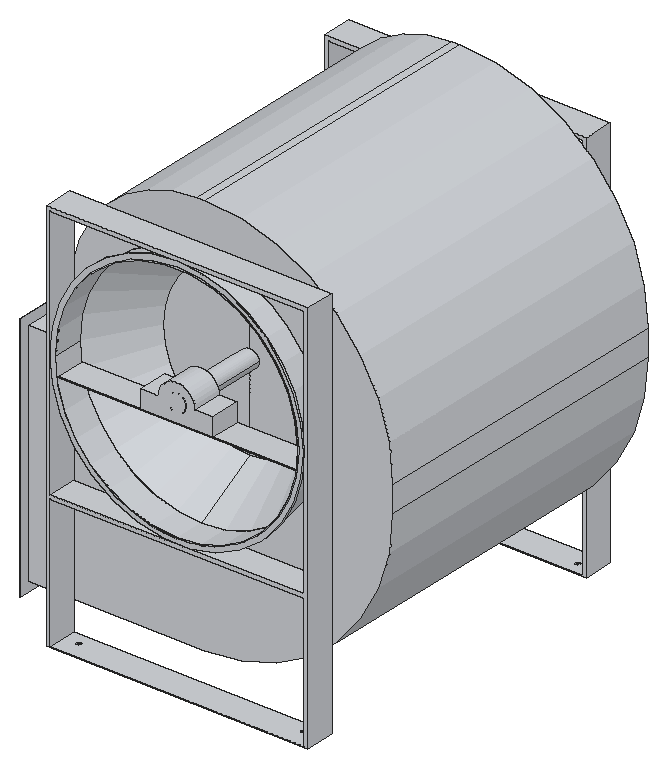
Revit family "CAF_DWDI_CCW_BHD", category Mechanical Equipment, Revit 2019 (continued)
Types (59): name | V+(D-(A+.25"))/2 | V | U-N | U | T/2 | T | S/2 | S | R/2 | R | P | N | M | L | K/2 | K | J | INLET/4 | INLET/2 | INLET | H-J | H | G-(R/2) | G-(INLET/2)-1.625" | G+(INLET/2)+1.625" | G | F | E/2 | E | D/2 | D | C/2 | C+C | C | BOTTOM | B/2 | B+.25" | B | A/2 | A+.25" | A | D/7 | Type Comments | -P | -(B+.25")/2 | (M-(B+.25")/2 | (INLET/2)-.125" | (INLET/2)+1.625" | (INLET/2)+1.5" | (D-(A+.25"))/2 | (B+.25")/2 | (A+.25")/2 | ((M+U+U+N+N)-((B+.25")/2))/2
  180_CAF-DWDI_CCW_BHD_CLASS_3 | 2 15/16" | 1 15/16" | 1 9/16" | 8 1/16" | 14 7/32" | 28 7/16" | 10 1/2" | 21" | 12 7/8" | 25 3/4" | 40 3/8" | 6 1/2" | 32 3/16" | 16 1/8" | 15/32" | 15/16" | 15 11/16" | 5 43/64" | 11 11/32" | 22 11/16" | 14 5/16" | 30" | 9 1/4" | 9 9/32" | 34 31/32" | 22 1/8" | 35 15/16" | 14 3/32" | 28 3/16" | 10 3/8" | 20 3/4" | 1 3/32" | 4 3/8" | 2 3/16" | 7 27/32" | 13 1/32" | 26 5/16" | 26 1/16" | 9 1/4" | 18 3/4" | 18 1/2" | 2.18421" | "Centrifugal Airfoil Blower Counter-Clockwise Bottom Horizontal Arrangement 3 Low Profile Class 3" | -40 3/8" | -13 5/32" | 2 15/16" | 11 7/32" | 12 27/32" | 12 25/32" | 1" | 13 5/32" | 9 3/8" | 4 1/2"
  195_CAF-DWDI_CCW_BHD_CLASS_3 | 2 15/16" | 1" | 1 9/16" | 8 1/16" | 15 21/32" | 31 5/16" | 11 1/8" | 22 1/4" | 13 5/8" | 27 1/4" | 42 3/4" | 6 1/2" | 34 9/16" | 17 5/16" | 15/32" | 15/16" | 17" | 6 3/64" | 12 3/32" | 24 3/16" | 15 7/16" | 32 7/16" | 10 1/16" | 10 3/32" | 37 9/32" | 23 11/16" | 38 5/8" | 16 9/32" | 32 9/16" | 11 13/16" | 23 5/8" | 1 3/32" | 4 3/8" | 2 3/16" | 8 1/2" | 14 7/32" | 28 11/16" | 28 7/16" | 9 3/4" | 19 3/4" | 19 1/2" | 2.48684" | "Centrifugal Airfoil Blower Counter-Clockwise Bottom Horizontal Arrangement 3 Low Profile Class 3" | -42 3/4" | -14 11/32" | 2 15/16" | 11 31/32" | 13 19/32" | 13 17/32" | 1 15/16" | 14 11/32" | 9 7/8" | 4 1/2"
  210_CAF-DWDI_CCW_BHD_CLASS_3 | 2 15/16" | 1" | 1 9/16" | 8 9/16" | 16 5/8" | 33 1/4" | 11 7/8" | 23 3/4" | 14 1/2" | 29" | 45 3/16" | 7" | 36 1/2" | 18 1/4" | 15/32" | 15/16" | 18 5/16" | 6 31/64" | 12 31/32" | 25 15/16" | 16 5/8" | 34 15/16" | 10 13/16" | 10 27/32" | 39 25/32" | 25 5/16" | 41 7/16" | 17 1/4" | 34 1/2" | 12 7/8" | 25 3/4" | 1 3/32" | 4 3/8" | 2 3/16" | 9 5/32" | 15 3/16" | 30 5/8" | 30 3/8" | 10 13/16" | 21 7/8" | 21 5/8" | 2.71053" | "Centrifugal Airfoil Blower Counter-Clockwise Bottom Horizontal Arrangement 3 Low Profile Class 3" | -45 3/16" | -15 5/16" | 2 15/16" | 12 27/32" | 14 15/32" | 14 13/32" | 1 15/16" | 15 5/16" | 10 15/16" | 4 1/2"
  225_CAF-DWDI_CCW_BHD_CLASS_3 | 3" | 1" | 1 9/16" | 8 9/16" | 17 11/16" | 35 3/8" | 12 3/4" | 25 1/2" | 15 3/8" | 30 3/4" | 47 5/16" | 7" | 38 5/8" | 19 5/16" | 15/32" | 15/16" | 19 9/16" | 6 55/64" | 13 23/32" | 27 7/16" | 17 7/8" | 37 7/16" | 11 1/2" | 11 21/32" | 42 3/32" | 26 7/8" | 44 1/8" | 18 11/32" | 36 11/16" | 13 23/32" | 27 7/16" | 1 3/32" | 4 3/8" | 2 3/16" | 9 25/32" | 16 1/4" | 32 3/4" | 32 1/2" | 11 19/32" | 23 7/16" | 23 3/16" | 2.88816" | "Centrifugal Airfoil Blower Counter-Clockwise Bottom Horizontal Arrangement 3 Low Profile Class 3" | -47 5/16" | -16 3/8" | 2 15/16" | 13 19/32" | 15 7/32" | 15 5/32" | 2" | 16 3/8" | 11 23/32" | 4 1/2"
  245_CAF-DWDI_CCW_BHD_CLASS_3 | 3 15/16" | 1 15/16" | 9/16" | 7 9/16" | 19 9/32" | 38 9/16" | 13 9/16" | 27 1/8" | 16 15/32" | 32 15/16" | 50 13/16" | 7" | 43 3/16" | 21 5/8" | 17/32" | 1 1/16" | 21 5/16" | 7 23/64" | 14 23/32" | 29 7/16" | 19 3/8" | 40 11/16" | 13 17/32" | 13 25/32" | 46 7/32" | 30" | 48 3/4" | 19 5/8" | 39 1/4" | 14 7/8" | 29 3/4" | 1 7/32" | 4 7/8" | 2 7/16" | 10 21/32" | 17 17/32" | 35 5/16" | 35 1/16" | 12 3/4" | 25 3/4" | 25 1/2" | 3.13158" | "Centrifugal Airfoil Blower Counter-Clockwise Bottom Horizontal Arrangement 3 Low Profile Class 3" | -50 13/16" | -17 21/32" | 3 15/16" | 14 19/32" | 16 7/32" | 16 5/32" | 2" | 17 21/32" | 12 7/8" | 4 1/2"
  270_CAF-DWDI_CCW_BHD_CLASS_3 | 3 15/16" | 1 15/16" | 9/16" | 7 11/16" | 21 5/32" | 42 5/16" | 14 15/16" | 29 7/8" | 17 27/32" | 35 11/16" | 55 5/16" | 7 1/8" | 47 9/16" | 23 13/16" | 17/32" | 1 1/16" | 23 1/2" | 7 63/64" | 15 31/32" | 31 15/16" | 21 5/16" | 44 13/16" | 14 25/32" | 15 5/32" | 50 3/32" | 32 5/8" | 53 5/16" | 21 13/16" | 43 5/8" | 15 7/8" | 31 3/4" | 1 7/32" | 4 7/8" | 2 7/16" | 11 3/4" | 19 23/32" | 39 11/16" | 39 7/16" | 13 3/4" | 27 3/4" | 27 1/2" | 3.34211" | "Centrifugal Airfoil Blower Counter-Clockwise Bottom Horizontal Arrangement 3 Low Profile Class 3" | -55 5/16" | -19 27/32" | 3 15/16" | 15 27/32" | 17 15/32" | 17 13/32" | 2" | 19 27/32" | 13 7/8" | 4 1/2"
  300_CAF-DWDI_CCW_BHD_CLASS_3 | 3 15/16" | 1 15/16" | 5/8" | 7 3/4" | 23 1/4" | 46 1/2" | 16 7/16" | 32 7/8" | 19 11/32" | 38 11/16" | 58 7/8" | 7 1/8" | 51 1/8" | 25 9/16" | 17/32" | 1 1/16" | 26 1/16" | 8 47/64" | 17 15/32" | 34 15/16" | 23 11/16" | 49 3/4" | 16 15/32" | 16 27/32" | 54 25/32" | 35 13/16" | 58 3/4" | 23 19/32" | 47 3/16" | 17 23/32" | 35 7/16" | 1 7/32" | 4 7/8" | 2 7/16" | 13 1/32" | 21 1/2" | 43 1/4" | 43" | 15 19/32" | 31 7/16" | 31 3/16" | 3.73026" | "Centrifugal Airfoil Blower Counter-Clockwise Bottom Horizontal Arrangement 3 Low Profile Class 3" | -58 7/8" | -21 5/8" | 3 15/16" | 17 11/32" | 18 31/32" | 18 29/32" | 2" | 21 5/8" | 15 23/32" | 4 9/16"
  330_CAF-DWDI_CCW_BHD_CLASS_3 | 4 15/16" | 2 7/8" | -3/8" | 6 3/4" | 25 7/8" | 51 3/4" | 17 5/8" | 35 1/4" | 21 1/8" | 42 1/4" | 64" | 7 1/8" | 57 1/4" | 28 5/8" | 17/32" | 1 1/16" | 28 11/16" | 9 31/64" | 18 31/32" | 37 15/16" | 26 1/16" | 54 3/4" | 18 7/8" | 19 17/32" | 60 15/32" | 40" | 65 1/4" | 25 21/32" | 51 5/16" | 19 7/16" | 38 7/8" | 1 7/32" | 4 7/8" | 2 7/16" | 14 11/32" | 23 17/32" | 47 5/16" | 47 1/16" | 17 1/4" | 34 3/4" | 34 1/2" | 4.09211" | "Centrifugal Airfoil Blower Counter-Clockwise Bottom Horizontal Arrangement 3 Low Profile Class 3" | -64" | -23 21/32" | 4 31/32" | 18 27/32" | 20 15/32" | 20 13/32" | 2 1/16" | 23 21/32" | 17 3/8" | 4 19/32"
  365_CAF-DWDI_CCW_BHD_CLASS_3 | 5" | 2 7/16" | 1/8" | 7 3/4" | 28 7/16" | 56 7/8" | 19 1/2" | 39" | 23" | 46" | 70 1/8" | 7 5/8" | 62 3/8" | 31 3/16" | 17/32" | 1 1/16" | 31 3/4" | 10 23/64" | 20 23/32" | 41 7/16" | 28 3/4" | 60 1/2" | 20 3/4" | 21 17/32" | 65 31/32" | 43 3/4" | 71 11/16" | 28 23/32" | 57 7/16" | 22 1/32" | 44 1/16" | 1 15/32" | 5 7/8" | 2 15/16" | 15 7/8" | 26 3/32" | 52 7/16" | 52 3/16" | 19 11/32" | 38 15/16" | 38 11/16" | 4.63816" | "Centrifugal Airfoil Blower Counter-Clockwise Bottom Horizontal Arrangement 3 Low Profile Class 3" | -70 1/8" | -26 7/32" | 4 31/32" | 20 19/32" | 22 7/32" | 22 5/32" | 2 9/16" | 26 7/32" | 19 15/32" | 5 3/32"
  402_CAF-DWDI_CCW_BHD_CLASS_3 | 6" | 3 7/16" | 5/8" | 10 3/4" | 31 3/4" | 63 1/2" | 21" | 42" | 25 9/32" | 50 9/16" | 80 3/4" | 10 1/8" | 70" | 35" | 17/32" | 1 1/16" | 34 15/16" | 11 19/64" | 22 19/32" | 45 3/16" | 31 11/16" | 66 5/8" | 23 11/32" | 24 17/32" | 72 23/32" | 48 5/8" | 79 7/16" | 31 17/32" | 63 1/16" | 23 9/16" | 47 1/8" | 1 23/32" | 6 7/8" | 3 7/16" | 17 15/32" | 28 29/32" | 58 1/16" | 57 13/16" | 20 7/8" | 42" | 41 3/4" | 4.96053" | "Centrifugal Airfoil Blower Counter-Clockwise Bottom Horizontal Arrangement 3 Low Profile Class 3" | -80 3/4" | -29 1/32" | 5 31/32" | 22 15/32" | 24 3/32" | 24 1/32" | 2 9/16" | 29 1/32" | 21" | 6 19/32"
  445_CAF-DWDI_CCW_BHD_CLASS_3 | 6" | 3 7/16" | 5/8" | 10 3/4" | 35" | 70" | 23 1/8" | 46 1/4" | 27 13/32" | 54 13/16" | 87 1/4" | 10 1/8" | 76 1/2" | 38 1/4" | 17/32" | 1 1/16" | 38 11/16" | 12 23/64" | 24 23/32" | 49 7/16" | 35 1/16" | 73 3/4" | 25 27/32" | 27 1/32" | 79 15/32" | 53 1/4" | 87 5/16" | 34 25/32" | 69 9/16" | 25 21/32" | 51 5/16" | 1 23/32" | 6 7/8" | 3 7/16" | 19 11/32" | 32 1/8" | 64 1/2" | 64 1/4" | 22 31/32" | 46 3/16" | 45 15/16" | 5.40132" | "Centrifugal Airfoil Blower Counter-Clockwise Bottom Horizontal Arrangement 3 Low Profile Class 3" | -87 1/4" | -32 1/4" | 6" | 24 19/32" | 26 7/32" | 26 5/32" | 2 9/16" | 32 1/4" | 23 3/32" | 6 5/8"
  490_CAF-DWDI_CCW_BHD_CLASS_3 | 8" | 5 7/16" | -1 3/8" | 12 1/8" | 38 7/16" | 76 7/8" | 25" | 50" | 30" | 60" | 98 1/2" | 13 1/2" | 86 3/8" | 43 3/16" | 17/32" | 1 1/16" | 42 5/8" | 13 3/4" | 27 1/2" | 55" | 38 1/2" | 81 1/8" | 30" | 31" | 89" | 60" | 97 1/2" | 37 23/32" | 75 7/16" | 28 3/16" | 56 3/8" | 1 31/32" | 7 7/8" | 3 15/16" | 21 5/16" | 35 1/16" | 70 3/8" | 70 1/8" | 25 1/2" | 51 1/4" | 51" | 5.93421" | "Centrifugal Airfoil Blower Counter-Clockwise Bottom Horizontal Arrangement 3 Low Profile Class 3" | -98 1/2" | -35 3/16" | 8" | 27 3/8" | 29" | 28 15/16" | 2 9/16" | 35 3/16" | 25 5/8" | 6 5/8"
  540_CAF-DWDI_CCW_BHD_CLASS_3 | 8 1/16" | 5 7/16" | 5/8" | 16 3/8" | 42 13/32" | 84 13/16" | 27 1/2" | 55" | 32 1/2" | 65" | 110 11/16" | 15 3/4" | 94 5/16" | 47 1/8" | 19/32" | 1 3/16" | 47" | 15" | 30" | 60" | 42 7/16" | 89 7/16" | 32 13/16" | 33 13/16" | 96 13/16" | 65 5/16" | 106 11/16" | 41 11/16" | 83 3/8" | 30 5/8" | 61 1/4" | 2 7/32" | 8 7/8" | 4 7/16" | 23 1/2" | 38 31/32" | 78 3/16" | 77 15/16" | 27 7/8" | 56" | 55 3/4" | 6.44737" | "Centrifugal Airfoil Blower Counter-Clockwise Bottom Horizontal Arrangement 3 Low Profile Class 3" | -110 11/16" | -39 3/32" | 8 1/16" | 29 7/8" | 31 1/2" | 31 7/16" | 2 5/8" | 39 3/32" | 28" | 8 11/16"
  600_CAF-DWDI_CCW_BHD_CLASS_3 | 8 3/32" | 5 7/16" | 1/8" | 16" | 46 9/16" | 93 1/8" | 30 1/2" | 61" | 35 1/2" | 71" | 118 5/8" | 15 7/8" | 102 5/8" | 51 5/16" | 19/32" | 1 3/16" | 52 3/16" | 16 1/2" | 33" | 66" | 47 1/8" | 99 5/16" | 36 3/16" | 37 3/16" | 106 3/16" | 71 11/16" | 117 5/8" | 45 27/32" | 91 11/16" | 33 7/8" | 67 3/4" | 2 15/32" | 9 7/8" | 4 15/16" | 26 3/32" | 43 1/8" | 86 1/2" | 86 1/4" | 31 3/32" | 62 7/16" | 62 3/16" | 7.13158" | "Centrifugal Airfoil Blower Counter-Clockwise Bottom Horizontal Arrangement 3 Low Profile Class 3" | -118 5/8" | -43 1/4" | 8 1/16" | 32 7/8" | 34 1/2" | 34 7/16" | 2 21/32" | 43 1/4" | 31 7/32" | 8 3/16"
